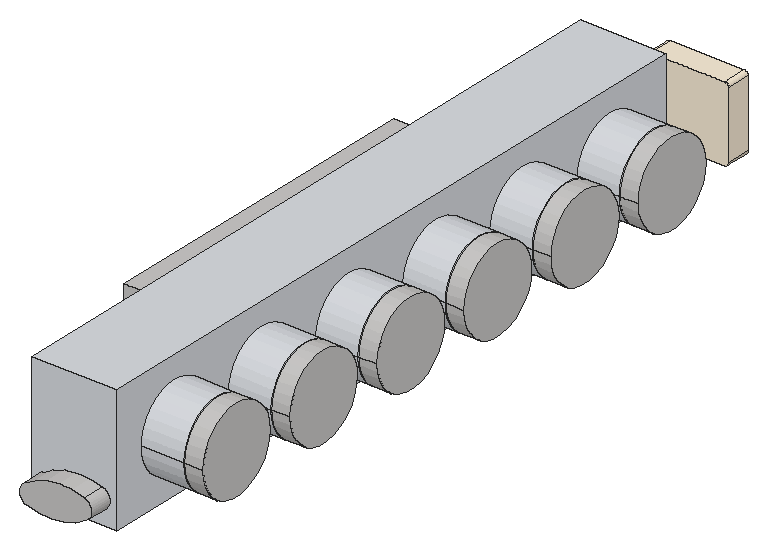
Revit family "HVAC_Ductwork_Airzone_Motorized-Plenum_Haier_Standard_6-Dampers", category Mechanical Equipment, Revit 2016
Family settings
  Part Type = Normal
  Round Connector Dimension = Use Diameter
  OmniClass Number = 23.75.70.14
  OmniClass Title = Air Ductwork
  Work Plane-Based = No
  Always vertical = Yes
  Cut with Voids When Loaded = No
  Shared = No
  Room Calculation Point = No
Parameters (values of type "HAIST01M6")
  Voltage = 230 V
  URL = "www.airzone.es"
  Type Image Comments = "Image available in product documentation download"  # constant formula
  Revit Model Version = "1.0"  # constant formula
  Revit Model Author URL = "www.a3d.es"
  Revit Model Author = "A3D Consulting"  # constant formula
  Product Documentation Download URL = "http://doc.airzone.es/BIM/Easyzone/Haier-Airzone_motorized_plenum.zip"
  Product Comments = "Refer to technical documentation for further details"  # constant formula
  Power Factor = 1
  Neck Width = 803.600 mm
  Neck Length = 95.000 mm
  Neck Height = 148.600 mm
  Material = Metal - AIRZONE - Galvanized Sheet - Semi-polished
  Main Control Board Material = Plastic - AIRZONE - Smooth - Off-white
  Load Classification = Other
  Insulated Body Width = 205.000 mm  # constant formula
  Insulated Body Material = Metal -AIRZONE - Insulating Lining -Aluminum Finish
  Insulated Body Length = 1638.600 mm  # constant formula
  Insulated Body Height = 300.000 mm  # constant formula
  Flow [instance] = Damper 6 Air Flow + Damper 5 Air Flow + Damper 4 Air Flow + Damper 3 Air Flow + Damper 2 Air Flow + Damper 1 Air Flow - Fresh Air Inlet 2 Flow - Fresh Air Inlet 1 Flow  # 1800 m³/h
  Fresh Air Inlet 1 Flow [instance] = 0 m³/h
  Fresh Air Inlet 2 Flow [instance] = 0 m³/h
  Fresh Air Inlet Connection Width = 175.000 mm
  Fresh Air Inlet Connection Height = 75.000 mm
  Model = "HAIST01M6"
  Neck Side Offset = 439.300 mm
  Neck Bottom Offset = 100.200 mm
  Type Image = <None>
  Manufacturer = "AIRZONE"  # constant formula
  Main Control Board Depth = 57.000 mm  # constant formula
  Main Control Board Width = 195.000 mm  # constant formula
  Main Control Board Height = 180.000 mm  # constant formula
  Fixing = ""
  Disclaimer = "All information provided in this model is reviewed before being published. However, Airzone cannot guarantee this model is error-free, therefore users are strongly encouraged to check for technical documentation and updates"  # constant formula
  Description = "Airzone standard motorized plenum with neck that mechanically adapts to the main ducted AC units of Haier."
  Type Comments = ""
  Dampers Length = 149.000 mm  # constant formula
  Dampers Diameter = 200.000 mm  # constant formula
  Damper 6 Air Flow [instance] = 300 m³/h
  Damper 5 Air Flow [instance] = 300 m³/h
  Damper 4 Air Flow [instance] = 300 m³/h
  Damper 1 Air Flow [instance] = 300 m³/h
  Damper 2 Air Flow [instance] = 300 m³/h
  Damper 3 Air Flow [instance] = 300 m³/h
  Fresh Air Inlet Connection Offset Height = 48.305 mm  # constant formula
  Compatible Accesories = ""
  Apparent Load = 57.5 VA
Types (2, lengths in mm): name | Neck Width | Neck Height | Model | Neck Side Offset | Neck Bottom Offset
  HAIST01L6 | 1037.400 | 202.600 | "HAIST01L6" | 287.200 | 55.900
  HAIST01M6 | 803.600 | 148.600 | "HAIST01M6" | 439.300 | 100.200
Reference planes
  plane 1 "Center (Front/Back)": y = 0
  plane 2 "Center (Elevation)": z = 0
  plane 3 "Center (Left/Right)": x = 0
  plane 4 "Neck Back": y = 401.8
  plane 5 "Neck Front": y = -401.8
  plane 6 "Neck Top": z = 74.3
  plane 7 "Neck Bottom": z = -74.3
  plane 8 "Left": x = 95
  plane 9 "Bottom": z = -174.5
  plane 10 "Top": z = 125.5
  plane 11 "Front": y = -797.5
  plane 12 "Back": y = 841.1
  plane 13 "Right": x = 300
  plane 14 "Dampers Front": x = 449
  plane 15 "Dampers Center (Elevation)": z = -24.5
  plane 16 "Damper3": y = 151.8
  plane 17 "Damper2": y = 411.8
  plane 18 "Damper1": y = 671.8
  plane 19 "Middle": y = 21.8
  plane 20 "FreshAir Center (Elevation)": z = -126.195
  plane 21 "FreshAir1": y = 893.6
  plane 22 "FreshAir2": y = -850
  plane 23 "Dampers Lining": x = 404
  plane 24 "FreshAir Vertical Axis": x = 195.83
  plane 25 "ConnectionBox Side": x = 254
  plane 26 "Main Control Board Center (Left/Right)": x = 351.5
  plane 27 "Damper4": y = -108.2
  plane 28 "Damper5": y = -368.2
  plane 29 "Damper6": y = -628.2
Forms (mm)
  Extrusion 1, solid, material "Metal - AIRZONE - Galvanized Sheet - Semi-polished" <- "Material"
    sketch origin (0, 0, 0) x (0, 1, 0) y (0, 0, 1)
      loop
        line (-401.8, 74.3) -> (-401.8, -74.3) -> (401.8, -74.3) -> (401.8, 74.3) -> (-401.8, 74.3)
    from 0 to 95
  Extrusion 2, solid, material "Metal -AIRZONE - Insulating Lining -Aluminum Finish" <- "Insulated Body Material"
    sketch origin (95, 0, 0) x (0, 1, 0) y (0, 0, 1)
      loop
        line (-797.5, 125.5) -> (-797.5, -174.5) -> (841.1, -174.5) -> (841.1, 125.5) -> (-797.5, 125.5)
    from 0 to 205
  Extrusion 3, solid, material "Metal - AIRZONE - Galvanized Sheet - Semi-polished" <- "Material"
    sketch origin (300, 0, 0) x (0, 1, 0) y (0, 0, 1)
      loop
        circle (151.8, -24.5) r 100
    from 104 to 149
  Extrusion 4, solid, material "Metal - AIRZONE - Galvanized Sheet - Semi-polished" <- "Material"
    sketch origin (300, 0, 0) x (0, 1, 0) y (0, 0, 1)
      loop
        circle (411.8, -24.5) r 100
    from 104 to 149
  Extrusion 5, solid, material "Metal - AIRZONE - Galvanized Sheet - Semi-polished" <- "Material"
    sketch origin (300, 0, 0) x (0, 1, 0) y (0, 0, 1)
      loop
        circle (671.8, -24.5) r 100
    from 104 to 149
  Extrusion 6, solid, material "Metal - AIRZONE - Galvanized Sheet - Semi-polished" <- "Material"
    sketch origin (0, -797.5, 0) x (0, 0, 1) y (1, 0, 0)
      loop
        arc (-93.641, 265.204) -> (-115.108, 282.105) -> (-139.812, 270.434) r 25.96
        arc (-139.812, 270.434) -> (-165.802, 200.598) -> (-158.349, 126.456) r 164.67
        arc (-158.349, 126.456) -> (-137.165, 109.589) -> (-112.494, 120.751) r 25.96
        arc (-112.494, 120.751) -> (-86.225, 190.78) -> (-93.641, 265.204) r 164.67
    from 0 to -52.5
  Extrusion 7, solid, material "Metal - AIRZONE - Galvanized Sheet - Semi-polished" <- "Material"
    sketch origin (0, 841.1, 0) x (0, 0, 1) y (1, 0, 0)
      loop
        arc (-93.641, 265.204) -> (-114.825, 282.071) -> (-139.496, 270.909) r 25.96
        arc (-139.496, 270.909) -> (-165.679, 201.53) -> (-158.767, 127.699) r 164.67
        arc (-158.767, 127.699) -> (-137.532, 109.637) -> (-112.178, 121.226) r 25.96
        arc (-112.178, 121.226) -> (-86.188, 191.062) -> (-93.641, 265.204) r 164.67
    from 0 to 52.5
  Extrusion 8, solid, material "Metal -AIRZONE - Insulating Lining -Aluminum Finish" <- "Insulated Body Material"
    sketch origin (300, 0, 0) x (0, 1, 0) y (0, 0, 1)
      loop
        circle (671.8, -24.5) r 100
    from 0 to 104
  Extrusion 9, solid, material "Metal -AIRZONE - Insulating Lining -Aluminum Finish" <- "Insulated Body Material"
    sketch origin (300, -260, 0) x (0, 1, 0) y (0, 0, 1)
      loop
        circle (671.8, -24.5) r 100
    from 0 to 104
  Extrusion 10, solid, material "Metal -AIRZONE - Insulating Lining -Aluminum Finish" <- "Insulated Body Material"
    sketch origin (300, -520, 0) x (0, 1, 0) y (0, 0, 1)
      loop
        circle (671.8, -24.5) r 100
    from 0 to 104
  Extrusion 11, solid, material "Metal - AIRZONE - Galvanized Sheet - Semi-polished" <- "Material"
    sketch origin (300, -190, 0) x (0, 1, 0) y (0, 0, 1)
      loop
        circle (81.8, -24.5) r 100
    from 104 to 149
  Extrusion 12, solid, material "Metal -AIRZONE - Insulating Lining -Aluminum Finish" <- "Insulated Body Material"
    sketch origin (300, -710, 0) x (0, 1, 0) y (0, 0, 1)
      loop
        circle (601.8, -24.5) r 100
    from 0 to 104
  Extrusion 13, solid, material "Metal -AIRZONE - Insulating Lining -Aluminum Finish" <- "Insulated Body Material"
    sketch origin (300, -970, 0) x (0, 1, 0) y (0, 0, 1)
      loop
        circle (601.8, -24.5) r 100
    from 0 to 104
  Extrusion 14, solid, material "Metal - AIRZONE - Galvanized Sheet - Semi-polished" <- "Material"
    sketch origin (300, -450, 0) x (0, 1, 0) y (0, 0, 1)
      loop
        circle (81.8, -24.5) r 100
    from 104 to 149
  Extrusion 15, solid, material "Metal -AIRZONE - Insulating Lining -Aluminum Finish" <- "Insulated Body Material"
    sketch origin (300, -1230, 0) x (0, 1, 0) y (0, 0, 1)
      loop
        circle (601.8, -24.5) r 100
    from 0 to 104
  Extrusion 16, solid, material "Metal - AIRZONE - Galvanized Sheet - Semi-polished" <- "Material"
    sketch origin (300, -710, 0) x (0, 1, 0) y (0, 0, 1)
      loop
        circle (81.8, -24.5) r 100
    from 104 to 149
Lines and regions (mm)
  Masking region 1
    outline origin (0, 0, 0) x (1, 0, 0) y (0, 1, 0)
      loop
        line (95, 841.1) -> (95, -797.5) -> (300, -797.5) -> (300, 841.1) -> (95, 841.1)
  Masking region 2, detail levels medium+fine
    outline origin (0, 0, 0) x (1, 0, 0) y (0, 1, 0)
      loop
        line (0, 401.8) -> (0, -401.8) -> (95, -401.8) -> (95, 401.8) -> (0, 401.8)
  Masking region 3, detail levels medium+fine
    outline origin (0, 0, 0) x (1, 0, 0) y (0, 1, 0)
      loop
        line (300, 251.8) -> (300, 51.8) -> (449, 51.8) -> (449, 251.8) -> (300, 251.8)
  Masking region 4, detail levels medium+fine
    outline origin (0, 260, 0) x (1, 0, 0) y (0, 1, 0)
      loop
        line (300, 251.8) -> (300, 51.8) -> (449, 51.8) -> (449, 251.8) -> (300, 251.8)
  Masking region 5, detail levels medium+fine
    outline origin (0, 520, 0) x (1, 0, 0) y (0, 1, 0)
      loop
        line (300, 251.8) -> (300, 51.8) -> (449, 51.8) -> (449, 251.8) -> (300, 251.8)
  Masking region 6, detail levels medium+fine
    outline origin (0, 0, -126.195) x (1, 0, 0) y (0, 1, 0)
      loop
        line (108.33, 893.6) -> (108.33, 841.1) -> (283.33, 841.1) -> (283.33, 893.6) -> (108.33, 893.6)
  Masking region 7, detail levels medium+fine
    outline origin (0, 0, -126.195) x (1, 0, 0) y (0, 1, 0)
      loop
        line (108.33, -797.5) -> (108.33, -850) -> (283.33, -850) -> (283.33, -797.5) -> (108.33, -797.5)
  Masking region 8, detail levels medium+fine
    outline origin (0, 0, 125.5) x (0, -1, 0) y (1, 0, 0)
      loop
        line (-898.1, 254) -> (-841.1, 254) -> (-841.1, 449) -> (-898.1, 449) -> (-898.1, 254)
  Masking region 9, detail levels medium+fine
    outline origin (0, -190, 0) x (1, 0, 0) y (0, 1, 0)
      loop
        line (300, 181.8) -> (300, -18.2) -> (449, -18.2) -> (449, 181.8) -> (300, 181.8)
  Masking region 10, detail levels medium+fine
    outline origin (0, -450, 0) x (1, 0, 0) y (0, 1, 0)
      loop
        line (300, 181.8) -> (300, -18.2) -> (449, -18.2) -> (449, 181.8) -> (300, 181.8)
  Masking region 11, detail levels medium+fine
    outline origin (0, -710, 0) x (1, 0, 0) y (0, 1, 0)
      loop
        line (300, 181.8) -> (300, -18.2) -> (449, -18.2) -> (449, 181.8) -> (300, 181.8)
  symbolic lines, detail levels coarse
    curve 1: line (95, -797.5, 0) -> (300, 151.8, 0)
    curve 2: line (300, 151.8, 0) -> (95, 841.1, 0)
Dimensions and locks
  equal spacing: plane 4 "Neck Back", plane 1 "Center (Front/Back)", plane 5 "Neck Front"
  "Neck Width": plane 4 "Neck Back" to plane 5 "Neck Front"
  equal spacing: plane 6 "Neck Top", level, plane 7 "Neck Bottom"
  "Neck Height": plane 6 "Neck Top" to plane 7 "Neck Bottom"
  "Neck Length": plane 3 "Center (Left/Right)" to plane 8 "Left"
  "Neck Bottom Offset": plane 7 "Neck Bottom" to plane 9 "Bottom"
  "Insulated Body Height": plane 10 "Top" to plane 9 "Bottom"
  "Insulated Body Length": plane 12 "Back" to plane 11 "Front"
  "Insulated Body Width": plane 8 "Left" to plane 13 "Right"
  "Dampers Length": plane 13 "Right" to plane 14 "Dampers Front"
  equal spacing: plane 10 "Top", plane 15 "Dampers Center (Elevation)", plane 9 "Bottom"
  equal spacing: plane 12 "Back", plane 19 "Middle", plane 11 "Front"
  plane 8 "Left" to plane 13 "Right" = 205.000 mm
  "Fresh Air Inlet Connection Offset Height": plane 20 "FreshAir Center (Elevation)" to plane 9 "Bottom"
  locked: Extrusion 6 sketch curve to plane 9 "Bottom" at 56.47
  locked: plane 13 "Right" to Extrusion 6 sketch curve at 43.69
  locked: plane 13 "Right" to Extrusion 6 sketch curve at 164.65
  locked: Extrusion 6 sketch curve to plane 9 "Bottom" at 40.54
  locked: plane 13 "Right" to Extrusion 6 sketch curve at 87.91
  locked: plane 9 "Bottom" to Extrusion 6 sketch curve at 75.01
  locked: plane 13 "Right" to Extrusion 6 sketch curve at 120.43
  locked: Extrusion 6 sketch curve to plane 9 "Bottom" at 172.02
  locked: plane 13 "Right" to Extrusion 7 sketch curve at 43.69
  locked: Extrusion 7 sketch curve to plane 9 "Bottom" at 56.47
  locked: Extrusion 7 sketch curve to plane 9 "Bottom" at 40.54
  locked: plane 13 "Right" to Extrusion 7 sketch curve at 164.65
  locked: plane 13 "Right" to Extrusion 7 sketch curve at 120.43
  locked: Extrusion 7 sketch curve to plane 9 "Bottom" at 172.02
  locked: plane 9 "Bottom" to Extrusion 7 sketch curve at 75.01
  locked: plane 13 "Right" to Extrusion 7 sketch curve at 87.91
  "Neck Side Offset": plane 12 "Back" to plane 4 "Neck Back"
  locked: plane 21 "FreshAir1" to plane 12 "Back" at 52.5
  plane 11 "Front" to plane 22 "FreshAir2" = 52.500 mm
  locked: connector elem to plane 13 "Right" at 104.17
  locked: plane 20 "FreshAir Center (Elevation)" to connector elem
  locked: plane 13 "Right" to connector elem at 104.17
  locked: connector elem to plane 20 "FreshAir Center (Elevation)"
  locked: plane 23 "Dampers Lining" to plane 14 "Dampers Front" at 45
  locked: plane 24 "FreshAir Vertical Axis" to plane 13 "Right" at 104.17
  equal spacing: Masking region 3 sketch curve, plane 16 "Damper3", Masking region 3 sketch curve
  "Dampers Diameter": Masking region 3 sketch curve to Masking region 3 sketch curve
  "Dampers Diameter": Masking region 4 sketch curve to Masking region 4 sketch curve
  equal spacing: Masking region 5 sketch curve, plane 18 "Damper1", Masking region 5 sketch curve
  "Dampers Diameter": Masking region 5 sketch curve to Masking region 5 sketch curve
  equal spacing: Masking region 6 sketch curve, plane 24 "FreshAir Vertical Axis", Masking region 6 sketch curve
  "Fresh Air Inlet Connection Width": Masking region 6 sketch curve to Masking region 6 sketch curve
  equal spacing: Masking region 7 sketch curve, plane 24 "FreshAir Vertical Axis", Masking region 7 sketch curve
  "Fresh Air Inlet Connection Width": Masking region 7 sketch curve to Masking region 7 sketch curve
  "Main Control Board Depth": Masking region 8 sketch curve to plane 12 "Back"
  "Main Control Board Width": plane 25 "ConnectionBox Side" to plane 14 "Dampers Front"
  equal spacing: plane 25 "ConnectionBox Side", plane 26 "Main Control Board Center (Left/Right)", plane 14 "Dampers Front"
  locked: nested 1 to plane 10 "Top" at 10
  equal spacing: Masking region 4 sketch curve, plane 17 "Damper2", Masking region 4 sketch curve
  equal spacing: Masking region 9 sketch curve, plane 27 "Damper4", Masking region 9 sketch curve
  "Dampers Diameter": Masking region 9 sketch curve to Masking region 9 sketch curve
  plane 18 "Damper1" to plane 17 "Damper2" to plane 16 "Damper3" to plane 27 "Damper4" to plane 28 "Damper5" to plane 29 "Damper6" = 260.000 mm locked, 260.000 mm locked, 260.000 mm locked, 260.000 mm locked, 260.000 mm locked
  locked: plane 16 "Damper3" to plane 19 "Middle" at 130
  equal spacing: Masking region 10 sketch curve, plane 28 "Damper5", Masking region 10 sketch curve
  "Dampers Diameter": Masking region 10 sketch curve to Masking region 10 sketch curve
  equal spacing: Masking region 11 sketch curve, plane 29 "Damper6", Masking region 11 sketch curve
  "Dampers Diameter": Masking region 11 sketch curve to Masking region 11 sketch curve
  "Dampers Diameter": diameter of Extrusion 3 sketch curve
  "Dampers Diameter": diameter of Extrusion 4 sketch curve
  "Dampers Diameter": diameter of Extrusion 5 sketch curve
  radius of Extrusion 7 sketch curve = 164.670 mm  (x2)
  radius of Extrusion 7 sketch curve = 25.960 mm  (x2)
  radius of Extrusion 6 sketch curve = 164.670 mm  (x2)
  radius of Extrusion 6 sketch curve = 25.960 mm  (x2)
  "Dampers Diameter": diameter of Extrusion 8 sketch curve
  "Dampers Diameter": diameter of Extrusion 9 sketch curve
  "Dampers Diameter": diameter of Extrusion 10 sketch curve
  "Dampers Diameter": diameter of Extrusion 11 sketch curve
  "Dampers Diameter": diameter of Extrusion 12 sketch curve
  "Dampers Diameter": diameter of Extrusion 13 sketch curve
  "Dampers Diameter": diameter of Extrusion 14 sketch curve
  "Dampers Diameter": diameter of Extrusion 15 sketch curve
  "Dampers Diameter": diameter of Extrusion 16 sketch curve
  aligned and locked: level to plane 2 "Center (Elevation)"
  aligned and locked: plane 5 "Neck Front" to Extrusion 1 sketch curve
  aligned and locked: Extrusion 1 sketch curve to plane 6 "Neck Top"
  aligned and locked: Extrusion 1 sketch curve to plane 4 "Neck Back"
  aligned and locked: plane 7 "Neck Bottom" to Extrusion 1 sketch curve
  aligned and locked: Extrusion 1 to plane 3 "Center (Left/Right)"
  aligned and locked: Extrusion 2 sketch curve to plane 10 "Top"
  aligned and locked: Extrusion 2 sketch curve to plane 12 "Back"
  aligned and locked: Extrusion 2 sketch curve to plane 9 "Bottom"
  aligned and locked: plane 11 "Front" to Extrusion 2 sketch curve
  aligned and locked: plane 13 "Right" to Extrusion 2
  aligned and locked: Extrusion 2 to plane 8 "Left"
  aligned and locked: plane 16 "Damper3" to Extrusion 3 sketch curve
  aligned and locked: plane 15 "Dampers Center (Elevation)" to Extrusion 3 sketch curve
  aligned and locked: plane 15 "Dampers Center (Elevation)" to Extrusion 4 sketch curve
  aligned and locked: plane 18 "Damper1" to Extrusion 5 sketch curve
  aligned and locked: plane 15 "Dampers Center (Elevation)" to Extrusion 5 sketch curve
  aligned and locked: plane 14 "Dampers Front" to Extrusion 5
  aligned and locked: plane 14 "Dampers Front" to Extrusion 4
  aligned and locked: plane 14 "Dampers Front" to Extrusion 3
  aligned and locked: plane 8 "Left" to Extrusion 1
  aligned and locked: plane 22 "FreshAir2" to Extrusion 6
  aligned and locked: plane 21 "FreshAir1" to Extrusion 7
  aligned and locked: Extrusion 7 to plane 12 "Back"
  aligned and locked: plane 11 "Front" to Extrusion 6
  aligned and locked: Extrusion 5 to plane 23 "Dampers Lining"
  aligned and locked: Extrusion 5 to Extrusion 4
  aligned and locked: Extrusion 4 to Extrusion 3
  aligned and locked: plane 23 "Dampers Lining" to Extrusion 8
  aligned and locked: Extrusion 10 to plane 13 "Right"
  aligned and locked: plane 23 "Dampers Lining" to Extrusion 10
  aligned and locked: Extrusion 9 to plane 13 "Right"
  aligned and locked: plane 23 "Dampers Lining" to Extrusion 9
  aligned and locked: Extrusion 8 to plane 13 "Right"
  aligned and locked: Extrusion 9 to Extrusion 8
  aligned and locked: plane 18 "Damper1" to Extrusion 8 sketch curve
  aligned and locked: plane 15 "Dampers Center (Elevation)" to Extrusion 8 sketch curve
  aligned and locked: plane 15 "Dampers Center (Elevation)" to Extrusion 9 sketch curve
  aligned and locked: plane 16 "Damper3" to Extrusion 10 sketch curve
  aligned and locked: plane 15 "Dampers Center (Elevation)" to Extrusion 10 sketch curve
  aligned and locked: Masking region 1 sketch curve to plane 12 "Back"
  aligned and locked: plane 8 "Left" to Masking region 1 sketch curve
  aligned and locked: Masking region 1 sketch curve to plane 13 "Right"
  aligned and locked: plane 11 "Front" to Masking region 1 sketch curve
  aligned and locked: plane 5 "Neck Front" to Masking region 2 sketch curve
  aligned and locked: plane 3 "Center (Left/Right)" to Masking region 2 sketch curve
  aligned and locked: Masking region 2 sketch curve to plane 4 "Neck Back"
  aligned and locked: Masking region 2 sketch curve to plane 8 "Left"
  aligned and locked: plane 13 "Right" to Masking region 3 sketch curve
  aligned and locked: Masking region 3 sketch curve to plane 14 "Dampers Front"
  aligned and locked: plane 13 "Right" to Masking region 4 sketch curve
  aligned and locked: Masking region 4 sketch curve to plane 14 "Dampers Front"
  aligned and locked: plane 13 "Right" to Masking region 5 sketch curve
  aligned and locked: Masking region 5 sketch curve to plane 14 "Dampers Front"
  aligned and locked: plane 12 "Back" to Masking region 6 sketch curve
  aligned and locked: Masking region 6 sketch curve to plane 21 "FreshAir1"
  aligned and locked: Masking region 7 sketch curve to plane 11 "Front"
  aligned and locked: Masking region 7 sketch curve to plane 22 "FreshAir2"
  aligned and locked: plane 12 "Back" to Masking region 8 sketch curve
  aligned and locked: Masking region 8 sketch curve to plane 14 "Dampers Front"
  aligned and locked: plane 25 "ConnectionBox Side" to Masking region 8 sketch curve
  aligned and locked: plane 17 "Damper2" to Extrusion 9 sketch curve
  aligned and locked: plane 17 "Damper2" to Extrusion 4 sketch curve
  aligned and locked: Masking region 9 sketch curve to plane 14 "Dampers Front"
  aligned and locked: plane 13 "Right" to Masking region 9 sketch curve
  aligned and locked: Extrusion 12 to plane 13 "Right"
  aligned and locked: plane 23 "Dampers Lining" to Extrusion 12
  aligned and locked: Extrusion 11 to plane 23 "Dampers Lining"
  aligned and locked: plane 14 "Dampers Front" to Extrusion 11
  aligned and locked: plane 15 "Dampers Center (Elevation)" to Extrusion 12 sketch curve
  aligned and locked: plane 27 "Damper4" to Extrusion 12 sketch curve
  aligned and locked: plane 15 "Dampers Center (Elevation)" to Extrusion 11 sketch curve
  aligned and locked: plane 27 "Damper4" to Extrusion 11 sketch curve
  aligned and locked: Masking region 10 sketch curve to plane 14 "Dampers Front"
  aligned and locked: plane 13 "Right" to Masking region 10 sketch curve
  aligned and locked: plane 28 "Damper5" to Extrusion 13 sketch curve
  aligned and locked: plane 15 "Dampers Center (Elevation)" to Extrusion 13 sketch curve
  aligned and locked: Extrusion 14 to plane 23 "Dampers Lining"
  aligned and locked: plane 14 "Dampers Front" to Extrusion 14
  aligned and locked: plane 15 "Dampers Center (Elevation)" to Extrusion 14 sketch curve
  aligned and locked: plane 28 "Damper5" to Extrusion 14 sketch curve
  aligned and locked: Masking region 11 sketch curve to plane 14 "Dampers Front"
  aligned and locked: plane 13 "Right" to Masking region 11 sketch curve
  aligned and locked: Extrusion 15 to plane 13 "Right"
  aligned and locked: plane 23 "Dampers Lining" to Extrusion 15
  aligned and locked: plane 29 "Damper6" to Extrusion 15 sketch curve
  aligned and locked: plane 15 "Dampers Center (Elevation)" to Extrusion 15 sketch curve
  aligned and locked: plane 14 "Dampers Front" to Extrusion 16
  aligned and locked: Extrusion 16 to plane 23 "Dampers Lining"
  aligned and locked: plane 15 "Dampers Center (Elevation)" to Extrusion 16 sketch curve
  aligned and locked: plane 29 "Damper6" to Extrusion 16 sketch curve
  aligned and locked: nested 1 to plane 26 "Main Control Board Center (Left/Right)"
Automatic sketch dimensions
  curve 2 to plane 8 "Left" = 0.000 mm
  curve 1 to plane 8 "Left" = 0.000 mm
  curve 2 to plane 13 "Right" = 0.000 mm
  curve 1 to plane 11 "Front" = 0.000 mm
  curve 2 to plane 16 "Damper3" = 0.000 mm
  curve 2 to plane 12 "Back" = 0.000 mm
Nested families
  nested 1: "Airzone_Main-Control-Board" at (351.5, 841.1, 25.5) x (-1, 0, 0) z (0, 1, 0), Extrusion <- "Main Control Board Depth", Height <- "Main Control Board Height", Width <- "Main Control Board Width", Material <- "Main Control Board Material", type "Standard"
    with Width 195.000 mm, Material Plastic - AIRZONE - Smooth - Off-white, Height 180.000 mm, Extrusion 57.000 mm
Connectors
  hvac at (449, 151.8, -24.5), driven by "Damper 3 Air Flow", driven by "Dampers Diameter"
    settings: on Extrusion 3, index 1, duct flow 300 m³/h, flow factor 0, pres drop 0.0 Pa, loss coef 0, conn angle 0.00°, conn width 304.8 mm, conn height 304.8 mm, conn diameter 200 mm, duct sys type 1, conn prof type 0, flow config 0, flow direction 2, loss method 0, conn ref index -1, conn util no, is conn primary no, conn desc "Supply Air Out 3"
  hvac at (449, 411.8, -24.5), driven by "Damper 2 Air Flow", driven by "Dampers Diameter"
    settings: on Extrusion 4, index 2, duct flow 300 m³/h, flow factor 0, pres drop 0.0 Pa, loss coef 0, conn angle 0.00°, conn width 304.8 mm, conn height 304.8 mm, conn diameter 200 mm, duct sys type 1, conn prof type 0, flow config 0, flow direction 2, loss method 0, conn ref index -1, conn util no, is conn primary no, conn desc "Supply Air Out 2"
  hvac at (449, 671.8, -24.5), driven by "Damper 1 Air Flow", driven by "Dampers Diameter"
    settings: on Extrusion 5, index 3, duct flow 300 m³/h, flow factor 0, pres drop 0.0 Pa, loss coef 0, conn angle 0.00°, conn width 304.8 mm, conn height 304.8 mm, conn diameter 200 mm, duct sys type 1, conn prof type 0, flow config 0, flow direction 2, loss method 0, conn ref index -1, conn util no, is conn primary no, conn desc "Supply Air Out 1"
  hvac at (0, 0, 0), driven by "Flow", driven by "Neck Height", driven by "Neck Width"
    settings: on Extrusion 1, index 6, duct flow 1800 m³/h, flow factor 0, pres drop 0.0 Pa, loss coef 0, conn angle 0.00°, conn width 803.6 mm, conn height 148.6 mm, conn diameter 609.6 mm, duct sys type 1, conn prof type 1, flow config 1, flow direction 1, loss method 0, conn ref index -1, conn util no, is conn primary yes, conn desc "Supply Air In"
  hvac at (195.83, -850, -126.195), driven by "Fresh Air Inlet 2 Flow", driven by "Fresh Air Inlet Connection Width", driven by "Fresh Air Inlet Connection Height"
    settings: index 7, duct flow 0 m³/h, flow factor 0, pres drop 0.0 Pa, loss coef 0, conn angle 0.00°, conn width 175 mm, conn height 75 mm, conn diameter 609.6 mm, duct sys type 1, conn prof type 2, flow config 1, flow direction 1, loss method 0, conn ref index -1, conn util no, is conn primary no, conn desc "Fresh Air In 2"
  hvac at (195.83, 893.6, -126.195), driven by "Fresh Air Inlet 1 Flow", driven by "Fresh Air Inlet Connection Height", driven by "Fresh Air Inlet Connection Width"
    settings: index 8, duct flow 0 m³/h, flow factor 0, pres drop 0.0 Pa, loss coef 0, conn angle 0.00°, conn width 175 mm, conn height 75 mm, conn diameter 609.6 mm, duct sys type 1, conn prof type 2, flow config 1, flow direction 1, loss method 0, conn ref index -1, conn util no, is conn primary no, conn desc "Fresh Air In 1"
  hvac at (449, -108.2, -24.5), driven by "Damper 4 Air Flow", driven by "Dampers Diameter"
    settings: on Extrusion 11, index 9, duct flow 300 m³/h, flow factor 0, pres drop 0.0 Pa, loss coef 0, conn angle 0.00°, conn width 304.8 mm, conn height 304.8 mm, conn diameter 200 mm, duct sys type 1, conn prof type 0, flow config 0, flow direction 2, loss method 0, conn ref index -1, conn util no, is conn primary no, conn desc "Supply Air Out 4"
  hvac at (449, -368.2, -24.5), driven by "Damper 5 Air Flow", driven by "Dampers Diameter"
    settings: on Extrusion 14, index 10, duct flow 300 m³/h, flow factor 0, pres drop 0.0 Pa, loss coef 0, conn angle 0.00°, conn width 304.8 mm, conn height 304.8 mm, conn diameter 200 mm, duct sys type 1, conn prof type 0, flow config 0, flow direction 2, loss method 0, conn ref index -1, conn util no, is conn primary no, conn desc "Supply Air Out 5"
  hvac at (449, -628.2, -24.5), driven by "Damper 6 Air Flow", driven by "Dampers Diameter"
    settings: on Extrusion 16, index 11, duct flow 300 m³/h, flow factor 0, pres drop 0.0 Pa, loss coef 0, conn angle 0.00°, conn width 304.8 mm, conn height 304.8 mm, conn diameter 200 mm, duct sys type 1, conn prof type 0, flow config 0, flow direction 2, loss method 0, conn ref index -1, conn util no, is conn primary no, conn desc "Supply Air Out 6"
  electrical at (351.5, 898.1, 25.5), driven by "Load Classification", driven by "Voltage", driven by "Apparent Load", driven by "Power Factor"
    settings: on nested 1, index 12, voltage 230 V, apparent load 57.5 VA, apparent load phase1 0 VA, apparent load phase2 0 VA, apparent load phase3 0 VA, power factor 1, load classification "Other", number of poles 1, system type 30, power factor state 1, is connector primary yes, connector utility no, sub classification motor no, connector description "Power Supply"
Definition of nested family "Airzone_Main-Control-Board"
  Parameters (values of type "Standard")
    Width [instance] = 195.000 mm
    URL = "www.airzone.es"
    Revit Model Version = "1.0"  # constant formula
    Revit Model Author URL = "www.a3d.es"
    Revit Model Author = "A3D Consulting"  # constant formula
    Material [instance] = none
    Manufacturer = "AIRZONE"  # constant formula
    Height [instance] = 180.000 mm
    Extrusion [instance] = 57.000 mm
    Default Elevation = 0.000 mm
  Reference planes
    plane 1 "Center (Front/Back)": y = 0
    plane 2: z = 0
    plane 3 "Center (Left/Right)": x = 0
    plane 4: y = 90
    plane 5: y = -90
    plane 6: x = 97.5
    plane 7: x = -97.5
  Forms (mm)
    Extrusion 1, solid, material <- "Material"
      sketch origin (0, 0, 0) x (1, 0, 0) y (0, 1, 0)
        loop
          arc (-87.5, 90) -> (-94.571, 87.071) -> (-97.5, 80) r 10
          line (-97.5, 80) -> (-97.5, -80)
          arc (-97.5, -80) -> (-94.571, -87.071) -> (-87.5, -90) r 10
          line (-87.5, -90) -> (87.5, -90)
          arc (87.5, -90) -> (94.571, -87.071) -> (97.5, -80) r 10
          line (97.5, -80) -> (97.5, 80)
          arc (97.5, 80) -> (94.571, 87.071) -> (87.5, 90) r 10
          line (87.5, 90) -> (-87.5, 90)
      from 0 to 57 <- "Extrusion"
  Dimensions and locks
    equal spacing: plane 7, plane 3 "Center (Left/Right)", plane 6
    equal spacing: plane 4, plane 1 "Center (Front/Back)", plane 5
    "Width": plane 7 to plane 6
    "Height": plane 4 to plane 5
    radius of Extrusion 1 sketch curve = 10.000 mm  (x4)
    aligned and locked: level to plane 2
    aligned and locked: plane 5 to Extrusion 1 sketch curve
    aligned and locked: Extrusion 1 sketch curve to plane 6
    aligned and locked: Extrusion 1 sketch curve to plane 4
    aligned and locked: plane 7 to Extrusion 1 sketch curve
